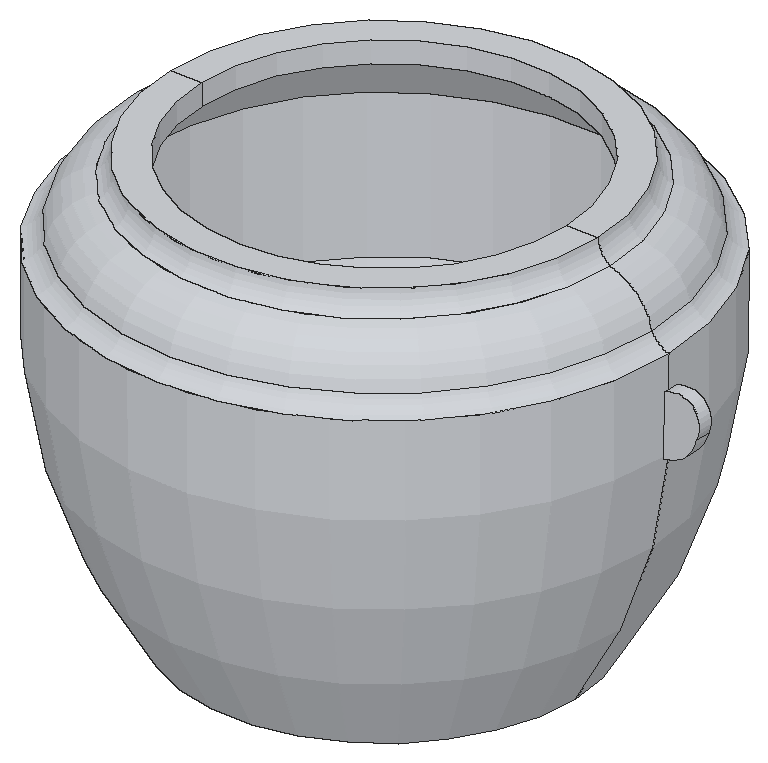
Revit family
Parameters (values of type "SBSP-042.5")
  Width = 5' - 5"
  URL = "www.strombergarchitectural.com"
  Top Material = GFRC
  Submittal Sheet = "www.strombergarchitectural.com/images/materials/gfrc/submittal/gfrc-submittal-sheet.pdf"
  Specifications = "www.strombergarchitectural.com/gfrcspecifications"
  Model Cut-sheet = "www.strombergarchitectural.com/products/bollards/design/SBSP-042"
  Model = "SBSP-042"
  Manufacturer = "Stromberg Architectural Products"
  Guidebook = "www.strombergarchitectural.com/images/materials/gfrc/handbooks/gfrc_guidebook.pdf"
  Frame Material = none
  Description = "GFRC Bollard"
  Assembly Code = ""
  Height = 4' - 0"
  XXX.5 = yes
  XXX.4 = no
  XXX.3 = no
  XXX.2 = no
  XXX.1 = no
Types (6): name | Width | Guidebook | Height | XXX.5 | XXX.4 | XXX.3 | XXX.2 | XXX.1
  (no name) | 5' - 5" | "www.strombergarchitectural.com/images/materials/gfrc/handbooks/gfrc_guidebook.pdf" | 4' - 0" | yes | no | no | no | no
  SBSP-042.3 | 4' - 1" | "www.strombergarchitectural.com/images/materials/gfrc/handbooks/gfrc_guidebook.pdf" | 3' - 0" | no | no | yes | no | no
  SBSP-042.1 | 2' - 8" | "www.strombergarchitectural.com/images/materials/gfrc/handbooks/gfrc_guidebook.pdf   \r\n(http://www.strombergarchitectural.com/images/materials/gfrc/handbooks/gfrc_guidebook.pdf" | 2' - 0" | no | no | no | no | yes
  SBSP-042.2 | 3' - 5" | "www.strombergarchitectural.com/images/materials/gfrc/handbooks/gfrc_guidebook.pdf" | 2' - 6" | no | no | no | yes | no
  SBSP-042.4 | 4' - 9" | "www.strombergarchitectural.com/images/materials/gfrc/handbooks/gfrc_guidebook.pdf" | 3' - 6" | no | yes | no | no | no
  SBSP-042.5 | 5' - 5" | "www.strombergarchitectural.com/images/materials/gfrc/handbooks/gfrc_guidebook.pdf" | 4' - 0" | yes | no | no | no | no
Reference planes (in)
  plane 1 "Center (Front/Back)": y = 3.74847
  plane 2: z = 0
  plane 3 "Center (Left/Right)": x = 0.7278
  plane 4 "Front": y = -3.25153
  plane 5 "Back": y = 10.74847
  plane 6 "Left": x = -17.2722
  plane 7 "Right": x = 18.7278
Forms (in)
  Revolve 1, solid, visible <- "XXX.1"
    sketch origin (0, 3.74847, 0) x (1, 0, 0) y (0, 0, 1)
      loop
        arc (-11.248, 23.94448) -> (-11.45756, 23.30307) -> (-11.92654, 22.81789) r 1.50359
        arc (-11.92654, 22.81789) -> (-13.46813, 21.92219) -> (-14.31497, 20.35322) r 3.28574
        arc (-14.31497, 20.35322) -> (-14.70353, 19.81609) -> (-15.28053, 19.48967) r 1.55469
        arc (-15.28053, 19.48967) -> (-14.34202, 9.27193) -> (-9.9472, 0) r 29.38095
        line (-9.9472, 0) -> (0.7278, 0) -> (0.7278, 1.25) -> (-9.2722, 1.25) -> (-13.58018, 11.91261) -> (-13.58018, 18.66261) -> (-10.18665, 22.78936) -> (-10.18665, 23.94448) -> (-11.248, 23.94448)
      axis (0.7278, 23.94448) -> (0.7278, 0)
    angle from 0 to 360
  Revolve 2, solid, visible <- "XXX.1", not visible
    sketch origin (0, 3.74847, 0) x (1, 0, 0) y (0, 0, 1)
      loop
        arc (-11.248, 23.94448) -> (-11.45756, 23.30307) -> (-11.92654, 22.81789) r 1.50359
        arc (-11.92654, 22.81789) -> (-13.46813, 21.92219) -> (-14.31497, 20.35322) r 3.28574
        arc (-14.31497, 20.35322) -> (-14.70353, 19.81609) -> (-15.28053, 19.48967) r 1.55469
        arc (-15.28053, 19.48967) -> (-14.34202, 9.27193) -> (-9.9472, 0) r 29.38095
        line (-9.9472, 0) -> (0.7278, 0) -> (0.7278, 1.25) -> (-9.2722, 1.25) -> (-13.58018, 11.91261) -> (-13.58018, 18.66261) -> (-10.18665, 22.78936) -> (-10.18665, 23.94448) -> (-11.248, 23.94448)
      axis (0.7278, 23.94448) -> (0.7278, 0)
    angle from 0 to 360
  Extrusion 3, solid, visible <- "XXX.1", not visible
    sketch origin (0, 3.74847, 0) x (1, 0, 0) y (0, 0, 1)
      loop
        arc (-15.25859, 14.31588) -> (-15.32003, 15.11475) -> (-15.37037, 15.9144) r 57.75981
        arc (-15.37037, 15.9144) -> (-15.61239, 15.96443) -> (-15.81313, 15.82028) r 0.30766
        arc (-15.81313, 15.82028) -> (-15.75988, 15.22547) -> (-15.52765, 14.67529) r 1.93345
        arc (-15.52765, 14.67529) -> (-16.25971, 15.12054) -> (-16.75495, 15.81976) r 2.11424
        arc (-16.75495, 15.81976) -> (-16.88592, 16.4462) -> (-16.75495, 17.07264) r 1.56361
        arc (-16.75495, 17.07264) -> (-16.32442, 17.37624) -> (-15.85583, 17.13551) r 0.50861
        arc (-15.85583, 17.13551) -> (-15.82556, 16.89951) -> (-15.98263, 16.72079) r 0.28899
        arc (-15.98263, 16.72079) -> (-16.08762, 16.97354) -> (-16.35826, 17.01426) r 0.27839
        arc (-16.35826, 17.01426) -> (-16.4845, 16.79622) -> (-16.42325, 16.55183) r 0.33529
        arc (-16.42325, 16.55183) -> (-16.02035, 16.37812) -> (-15.60149, 16.50876) r 0.63166
        arc (-15.60149, 16.50876) -> (-15.46879, 16.64815) -> (-15.38422, 16.82102) r 0.63166
        line (-15.38422, 16.82102) -> (-15.38422, 17.09138)
        arc (-15.38422, 17.09138) -> (-15.62313, 17.62799) -> (-16.18177, 17.8095) r 0.72207
        arc (-16.18177, 17.8095) -> (-17.19259, 17.1277) -> (-17.19259, 15.90843) r 1.29855
        arc (-17.19259, 15.90843) -> (-16.50408, 14.97797) -> (-15.57362, 14.28946) r 3.91551
        arc (-15.57362, 14.28946) -> (-15.41222, 14.25632) -> (-15.25859, 14.31588) r 0.29183
    from -0.84073 to 0.75
  Extrusion 4, solid, visible <- "XXX.1", not visible
    sketch origin (1.4556, 3.74847, 0) x (-1, 0, 0) y (0, 0, -1)
      loop
        arc (-15.25859, -14.31588) -> (-15.41222, -14.25632) -> (-15.57362, -14.28946) r 0.29183
        arc (-15.57362, -14.28946) -> (-16.50408, -14.97797) -> (-17.19259, -15.90843) r 3.91551
        arc (-17.19259, -15.90843) -> (-17.19259, -17.1277) -> (-16.18177, -17.8095) r 1.29855
        arc (-16.18177, -17.8095) -> (-15.62313, -17.62799) -> (-15.38422, -17.09138) r 0.72207
        line (-15.38422, -17.09138) -> (-15.38422, -16.82102)
        arc (-15.38422, -16.82102) -> (-15.46879, -16.64815) -> (-15.60149, -16.50876) r 0.63166
        arc (-15.60149, -16.50876) -> (-16.02035, -16.37812) -> (-16.42325, -16.55183) r 0.63166
        arc (-16.42325, -16.55183) -> (-16.4845, -16.79622) -> (-16.35826, -17.01426) r 0.33529
        arc (-16.35826, -17.01426) -> (-16.08762, -16.97354) -> (-15.98263, -16.72079) r 0.27839
        arc (-15.98263, -16.72079) -> (-15.82556, -16.89951) -> (-15.85583, -17.13551) r 0.28899
        arc (-15.85583, -17.13551) -> (-16.32442, -17.37624) -> (-16.75495, -17.07264) r 0.50861
        arc (-16.75495, -17.07264) -> (-16.88592, -16.4462) -> (-16.75495, -15.81976) r 1.56361
        arc (-16.75495, -15.81976) -> (-16.25971, -15.12054) -> (-15.52765, -14.67529) r 2.11424
        arc (-15.52765, -14.67529) -> (-15.75988, -15.22547) -> (-15.81313, -15.82028) r 1.93345
        arc (-15.81313, -15.82028) -> (-15.61239, -15.96443) -> (-15.37037, -15.9144) r 0.30766
        arc (-15.37037, -15.9144) -> (-15.32003, -15.11475) -> (-15.25859, -14.31588) r 57.75981
    from -0.84073 to 0.75
  Revolve 5, solid, visible <- "XXX.2"
    sketch origin (0, 3.74847, 0) x (1, 0, 0) y (0, 0, 1)
      loop
        arc (-14.70807, 29.94429) -> (-15.02946, 29.04277) -> (-15.78627, 28.45688) r 1.70337
        arc (-15.78627, 28.45688) -> (-17.5151, 27.26913) -> (-18.54441, 25.44153) r 4.64089
        arc (-18.54441, 25.44153) -> (-19.03011, 24.77011) -> (-19.75137, 24.36208) r 1.94336
        arc (-19.75137, 24.36208) -> (-18.57822, 11.58991) -> (-13.0847, 0) r 36.72618
        line (-13.0847, 0) -> (0.7278, 0) -> (0.7278, 1.25) -> (-11.7722, 1.25) -> (-17.5682, 14.26802) -> (-17.5682, 23.01802) -> (-12.47316, 28.4867) -> (-12.47316, 29.94429) -> (-14.70807, 29.94429)
      axis (0.7278, 29.94429) -> (0.7278, 0)
    angle from 0 to 360
  Revolve 6, solid, visible <- "XXX.2", not visible
    sketch origin (0, 3.74847, 0) x (1, 0, 0) y (0, 0, 1)
      loop
        arc (-14.70807, 29.94429) -> (-15.02946, 29.04277) -> (-15.78627, 28.45688) r 1.70337
        arc (-15.78627, 28.45688) -> (-17.5151, 27.26913) -> (-18.54441, 25.44153) r 4.64089
        arc (-18.54441, 25.44153) -> (-19.03011, 24.77011) -> (-19.75137, 24.36208) r 1.94336
        arc (-19.75137, 24.36208) -> (-18.57822, 11.58991) -> (-13.0847, 0) r 36.72618
        line (-13.0847, 0) -> (0.7278, 0) -> (0.7278, 1.25) -> (-11.7722, 1.25) -> (-17.5682, 14.26802) -> (-17.5682, 23.01802) -> (-12.47316, 28.4867) -> (-12.47316, 29.94429) -> (-14.70807, 29.94429)
      axis (0.7278, 29.94429) -> (0.7278, 0)
    angle from 0 to 360
  Extrusion 7, solid, visible <- "XXX.2", not visible
    sketch origin (0, 3.74847, 0) x (1, 0, 0) y (0, 0, 1)
      loop
        arc (-19.85401, 19.88583) -> (-20.17166, 20.04101) -> (-20.41708, 19.78655) r 0.30047
        arc (-20.41708, 19.78655) -> (-20.40406, 19.06682) -> (-20.17013, 18.38605) r 2.31001
        arc (-20.17013, 18.38605) -> (-21.13693, 19.06512) -> (-21.71123, 20.09761) r 2.6428
        arc (-21.71123, 20.09761) -> (-21.73992, 20.88601) -> (-21.39304, 21.59458) r 1.62101
        arc (-21.39304, 21.59458) -> (-20.79249, 21.75456) -> (-20.43527, 21.24598) r 0.54291
        arc (-20.43527, 21.24598) -> (-20.48631, 21.05437) -> (-20.62673, 20.91437) r 0.38099
        arc (-20.62673, 20.91437) -> (-20.75656, 21.23111) -> (-21.09682, 21.26861) r 0.33515
        arc (-21.09682, 21.26861) -> (-21.26016, 20.93619) -> (-21.09682, 20.60376) r 0.41995
        arc (-21.09682, 20.60376) -> (-20.53019, 20.45898) -> (-20.03602, 20.77177) r 0.73829
        arc (-20.03602, 20.77177) -> (-19.95448, 20.89895) -> (-19.88047, 21.03065) r 2.59673
        line (-19.88047, 21.03065) -> (-19.88047, 21.32303)
        arc (-19.88047, 21.32303) -> (-20.30755, 22.02775) -> (-21.10315, 22.24231) r 1.10725
        arc (-21.10315, 22.24231) -> (-22.26115, 21.42007) -> (-22.19614, 20.00134) r 1.48232
        arc (-22.19614, 20.00134) -> (-21.42821, 18.80514) -> (-20.31883, 17.91638) r 4.39782
        arc (-20.31883, 17.91638) -> (-20.02413, 17.83907) -> (-19.72943, 17.91638) r 0.60034
        arc (-19.72943, 17.91638) -> (-19.80365, 18.90035) -> (-19.85401, 19.88583) r 40.72053
    from -0.84073 to 0.75
  Extrusion 8, solid, visible <- "XXX.2", not visible
    sketch origin (1.4556, 3.74847, 0) x (-1, 0, 0) y (0, 0, -1)
      loop
        arc (-19.85401, -19.88583) -> (-19.80365, -18.90035) -> (-19.72943, -17.91638) r 40.72053
        arc (-19.72943, -17.91638) -> (-20.02413, -17.83907) -> (-20.31883, -17.91638) r 0.60034
        arc (-20.31883, -17.91638) -> (-21.42821, -18.80514) -> (-22.19614, -20.00134) r 4.39782
        arc (-22.19614, -20.00134) -> (-22.26115, -21.42007) -> (-21.10315, -22.24231) r 1.48232
        arc (-21.10315, -22.24231) -> (-20.30755, -22.02775) -> (-19.88047, -21.32303) r 1.10725
        line (-19.88047, -21.32303) -> (-19.88047, -21.03065)
        arc (-19.88047, -21.03065) -> (-19.95448, -20.89895) -> (-20.03602, -20.77177) r 2.59673
        arc (-20.03602, -20.77177) -> (-20.53019, -20.45898) -> (-21.09682, -20.60376) r 0.73829
        arc (-21.09682, -20.60376) -> (-21.26016, -20.93619) -> (-21.09682, -21.26861) r 0.41995
        arc (-21.09682, -21.26861) -> (-20.75656, -21.23111) -> (-20.62673, -20.91437) r 0.33515
        arc (-20.62673, -20.91437) -> (-20.48631, -21.05437) -> (-20.43527, -21.24598) r 0.38099
        arc (-20.43527, -21.24598) -> (-20.79249, -21.75456) -> (-21.39304, -21.59458) r 0.54291
        arc (-21.39304, -21.59458) -> (-21.73992, -20.88601) -> (-21.71123, -20.09761) r 1.62101
        arc (-21.71123, -20.09761) -> (-21.13693, -19.06512) -> (-20.17013, -18.38605) r 2.6428
        arc (-20.17013, -18.38605) -> (-20.40406, -19.06682) -> (-20.41708, -19.78655) r 2.31001
        arc (-20.41708, -19.78655) -> (-20.17166, -20.04101) -> (-19.85401, -19.88583) r 0.30047
    from -0.84073 to 0.75
  Revolve 9, solid, visible <- "XXX.3"
    sketch origin (0, 3.74847, 0) x (1, 0, 0) y (0, 0, 1)
      loop
        arc (-17.721, 35.92894) -> (-18.07387, 34.89798) -> (-18.89708, 34.18404) r 2.09342
        arc (-18.89708, 34.18404) -> (-21.10936, 32.82478) -> (-22.32385, 30.52983) r 4.92861
        arc (-22.32385, 30.52983) -> (-22.90669, 29.72414) -> (-23.7722, 29.2345) r 2.33203
        arc (-23.7722, 29.2345) -> (-22.36443, 13.90789) -> (-15.7722, 0) r 44.07142
        line (-15.7722, 0) -> (0.7278, 0) -> (0.7278, 2) -> (-14.5222, 2) -> (-20.48085, 16.0377) -> (-20.48085, 29.2345) -> (-15.53131, 34.18404) -> (-15.53131, 35.92894) -> (-17.721, 35.92894)
      axis (0.7278, 0) -> (0.7278, 35.92894)
    angle from 0 to 360
  Revolve 10, solid, visible <- "XXX.3", not visible
    sketch origin (0, 3.74847, 0) x (1, 0, 0) y (0, 0, 1)
      loop
        arc (-17.721, 35.92894) -> (-18.07387, 34.89798) -> (-18.89708, 34.18404) r 2.09342
        arc (-18.89708, 34.18404) -> (-21.10936, 32.82478) -> (-22.32385, 30.52983) r 4.92861
        arc (-22.32385, 30.52983) -> (-22.90669, 29.72414) -> (-23.7722, 29.2345) r 2.33203
        arc (-23.7722, 29.2345) -> (-22.36443, 13.90789) -> (-15.7722, 0) r 44.07142
        line (-15.7722, 0) -> (0.7278, 0) -> (0.7278, 2) -> (-14.5222, 2) -> (-20.48085, 16.0377) -> (-20.48085, 29.2345) -> (-15.53131, 34.18404) -> (-15.53131, 35.92894) -> (-17.721, 35.92894)
      axis (0.7278, 0) -> (0.7278, 35.92894)
    angle from 0 to 360
  Extrusion 11, solid, visible <- "XXX.3", not visible
    sketch origin (0, 3.74847, 0) x (1, 0, 0) y (0, 0, 1)
      loop
        arc (-23.89537, 23.863) -> (-24.25334, 23.9505) -> (-24.55979, 23.74584) r 0.45774
        arc (-24.55979, 23.74584) -> (-24.55462, 22.85142) -> (-24.19555, 22.03223) r 2.21113
        arc (-24.19555, 22.03223) -> (-25.5075, 22.96169) -> (-26.19502, 24.41511) r 3.17137
        arc (-26.19502, 24.41511) -> (-26.11249, 25.32477) -> (-25.56514, 26.056) r 1.67567
        arc (-25.56514, 26.056) -> (-24.92416, 26.04352) -> (-24.59286, 25.49465) r 0.6636
        arc (-24.59286, 25.49465) -> (-24.65028, 25.26235) -> (-24.82274, 25.09647) r 0.43104
        arc (-24.82274, 25.09647) -> (-24.97844, 25.47733) -> (-25.38745, 25.52201) r 0.40218
        arc (-25.38745, 25.52201) -> (-25.57866, 25.01637) -> (-25.19832, 24.63222) r 0.50012
        arc (-25.19832, 24.63222) -> (-24.45194, 24.64421) -> (-23.94361, 25.19085) r 0.95211
        line (-23.94361, 25.19085) -> (-23.92185, 25.25115) -> (-23.92185, 25.53119)
        arc (-23.92185, 25.53119) -> (-24.59437, 26.53379) -> (-25.801, 26.57282) r 1.32294
        arc (-25.801, 26.57282) -> (-26.71654, 25.65256) -> (-26.833, 24.35969) r 1.91122
        arc (-26.833, 24.35969) -> (-26.51423, 23.47682) -> (-26.04282, 22.66513) r 5.23112
        arc (-26.04282, 22.66513) -> (-25.23073, 21.87119) -> (-24.19038, 21.41564) r 3.15993
        arc (-24.19038, 21.41564) -> (-23.95842, 21.40695) -> (-23.7405, 21.4869) r 0.60032
        arc (-23.7405, 21.4869) -> (-23.83398, 22.6739) -> (-23.89537, 23.863) r 44.07142
    from -0.84073 to 0.75
  Extrusion 12, solid, visible <- "XXX.3", not visible
    sketch origin (1.4556, 3.74847, 0) x (-1, 0, 0) y (0, 0, -1)
      loop
        arc (-23.89537, -23.863) -> (-23.83398, -22.6739) -> (-23.7405, -21.4869) r 44.07142
        arc (-23.7405, -21.4869) -> (-23.95842, -21.40695) -> (-24.19038, -21.41564) r 0.60032
        arc (-24.19038, -21.41564) -> (-25.23073, -21.87119) -> (-26.04282, -22.66513) r 3.15993
        arc (-26.04282, -22.66513) -> (-26.51423, -23.47682) -> (-26.833, -24.35969) r 5.23112
        arc (-26.833, -24.35969) -> (-26.71654, -25.65256) -> (-25.801, -26.57282) r 1.91122
        arc (-25.801, -26.57282) -> (-24.59437, -26.53379) -> (-23.92185, -25.53119) r 1.32294
        line (-23.92185, -25.53119) -> (-23.92185, -25.25115) -> (-23.94361, -25.19085)
        arc (-23.94361, -25.19085) -> (-24.45194, -24.64421) -> (-25.19832, -24.63222) r 0.95211
        arc (-25.19832, -24.63222) -> (-25.57866, -25.01637) -> (-25.38745, -25.52201) r 0.50012
        arc (-25.38745, -25.52201) -> (-24.97844, -25.47733) -> (-24.82274, -25.09647) r 0.40218
        arc (-24.82274, -25.09647) -> (-24.65028, -25.26235) -> (-24.59286, -25.49465) r 0.43104
        arc (-24.59286, -25.49465) -> (-24.92416, -26.04352) -> (-25.56514, -26.056) r 0.6636
        arc (-25.56514, -26.056) -> (-26.11249, -25.32477) -> (-26.19502, -24.41511) r 1.67567
        arc (-26.19502, -24.41511) -> (-25.5075, -22.96169) -> (-24.19555, -22.03223) r 3.17137
        arc (-24.19555, -22.03223) -> (-24.55462, -22.85142) -> (-24.55979, -23.74584) r 2.21113
        arc (-24.55979, -23.74584) -> (-24.25334, -23.9505) -> (-23.89537, -23.863) r 0.45774
    from -0.84073 to 0.75
  Revolve 13, solid, visible <- "XXX.4"
    sketch origin (0, 3.74847, 0) x (1, 0, 0) y (0, 0, 1)
      loop
        arc (-20.73431, 41.9088) -> (-21.13015, 40.73644) -> (-22.04166, 39.89961) r 2.48873
        arc (-22.04166, 39.89961) -> (-24.66365, 38.31969) -> (-26.1033, 35.61814) r 5.75005
        arc (-26.1033, 35.61814) -> (-26.78327, 34.67816) -> (-27.79303, 34.10692) r 2.7207
        arc (-27.79303, 34.10692) -> (-26.15063, 16.22587) -> (-18.4597, 0) r 51.41666
        line (-18.4597, 0) -> (0.7278, 0) -> (0.7278, 2.75) -> (-17.2722, 2.75) -> (-24.08504, 18.05189) -> (-24.08504, 34.10692) -> (-18.31058, 39.88138) -> (-18.31058, 41.9088) -> (-20.73431, 41.9088)
      axis (0.7278, 0) -> (0.7278, 41.9088)
    angle from 0 to 360
  Revolve 14, solid, visible <- "XXX.4", not visible
    sketch origin (0, 3.74847, 0) x (1, 0, 0) y (0, 0, 1)
      loop
        arc (-20.73431, 41.9088) -> (-21.13015, 40.73644) -> (-22.04166, 39.89961) r 2.48873
        arc (-22.04166, 39.89961) -> (-24.66365, 38.31969) -> (-26.1033, 35.61814) r 5.75005
        arc (-26.1033, 35.61814) -> (-26.78327, 34.67816) -> (-27.79303, 34.10692) r 2.7207
        arc (-27.79303, 34.10692) -> (-26.15063, 16.22587) -> (-18.4597, 0) r 51.41666
        line (-18.4597, 0) -> (0.7278, 0) -> (0.7278, 2.75) -> (-17.2722, 2.75) -> (-24.08504, 18.05189) -> (-24.08504, 34.10692) -> (-18.31058, 39.88138) -> (-18.31058, 41.9088) -> (-20.73431, 41.9088)
      axis (0.7278, 0) -> (0.7278, 41.9088)
    angle from 0 to 360
  Extrusion 15, solid, visible <- "XXX.4", not visible
    sketch origin (0, 3.74847, 0) x (1, 0, 0) y (0, 0, 1)
      loop
        arc (-27.93673, 27.84016) -> (-28.36011, 27.9364) -> (-28.72503, 27.70116) r 0.56005
        arc (-28.72503, 27.70116) -> (-28.71443, 26.6628) -> (-28.30177, 25.70989) r 2.62339
        arc (-28.30177, 25.70989) -> (-29.85863, 26.83846) -> (-30.63885, 28.59594) r 3.69993
        arc (-30.63885, 28.59594) -> (-30.52479, 29.58758) -> (-29.918, 30.38013) r 1.87481
        arc (-29.918, 30.38013) -> (-29.14874, 30.39076) -> (-28.75012, 29.73276) r 0.77421
        arc (-28.75012, 29.73276) -> (-28.81969, 29.45966) -> (-29.02142, 29.26286) r 0.52048
        arc (-29.02142, 29.26286) -> (-29.19716, 29.71899) -> (-29.68227, 29.77917) r 0.47553
        arc (-29.68227, 29.77917) -> (-29.84981, 29.1697) -> (-29.39998, 28.72565) r 0.62508
        arc (-29.39998, 28.72565) -> (-28.52874, 28.77996) -> (-27.9727, 29.45289) r 1.09754
        arc (-27.9727, 29.45289) -> (-28.5979, 30.85697) -> (-30.12645, 31.01768) r 1.53708
        arc (-30.12645, 31.01768) -> (-31.23306, 29.9303) -> (-31.35473, 28.38364) r 2.21481
        arc (-31.35473, 28.38364) -> (-30.21858, 26.33415) -> (-28.29908, 24.99) r 5.20938
        arc (-28.29908, 24.99) -> (-28.03142, 24.95237) -> (-27.77743, 25.04482) r 0.55855
        arc (-27.77743, 25.04482) -> (-27.86847, 26.44184) -> (-27.93673, 27.84016) r 85.90091
    from -0.84073 to 0.75
  Extrusion 16, solid, visible <- "XXX.4", not visible
    sketch origin (1.4556, 3.74847, 0) x (-1, 0, 0) y (0, 0, -1)
      loop
        arc (-27.93673, -27.84016) -> (-27.86847, -26.44184) -> (-27.77743, -25.04482) r 85.90091
        arc (-27.77743, -25.04482) -> (-28.03142, -24.95237) -> (-28.29908, -24.99) r 0.55855
        arc (-28.29908, -24.99) -> (-30.21858, -26.33415) -> (-31.35473, -28.38364) r 5.20938
        arc (-31.35473, -28.38364) -> (-31.23306, -29.9303) -> (-30.12645, -31.01768) r 2.21481
        arc (-30.12645, -31.01768) -> (-28.5979, -30.85697) -> (-27.9727, -29.45289) r 1.53708
        arc (-27.9727, -29.45289) -> (-28.52874, -28.77996) -> (-29.39998, -28.72565) r 1.09754
        arc (-29.39998, -28.72565) -> (-29.84981, -29.1697) -> (-29.68227, -29.77917) r 0.62508
        arc (-29.68227, -29.77917) -> (-29.19716, -29.71899) -> (-29.02142, -29.26286) r 0.47553
        arc (-29.02142, -29.26286) -> (-28.81969, -29.45966) -> (-28.75012, -29.73276) r 0.52048
        arc (-28.75012, -29.73276) -> (-29.14874, -30.39076) -> (-29.918, -30.38013) r 0.77421
        arc (-29.918, -30.38013) -> (-30.52479, -29.58758) -> (-30.63885, -28.59594) r 1.87481
        arc (-30.63885, -28.59594) -> (-29.85863, -26.83846) -> (-28.30177, -25.70989) r 3.69993
        arc (-28.30177, -25.70989) -> (-28.71443, -26.6628) -> (-28.72503, -27.70116) r 2.62339
        arc (-28.72503, -27.70116) -> (-28.36011, -27.9364) -> (-27.93673, -27.84016) r 0.56005
    from -0.84073 to 0.75
  Revolve 17, solid, visible <- "XXX.5"
    sketch origin (0, 3.74847, 0) x (1, 0, 0) y (0, 0, 1)
      loop
        arc (-23.6784, 48) -> (-24.07715, 46.65408) -> (-25.04338, 45.63579) r 3.00718
        arc (-25.04338, 45.63579) -> (-28.12656, 43.84438) -> (-29.82024, 40.70644) r 6.57148
        arc (-29.82024, 40.70644) -> (-30.59735, 39.63218) -> (-31.75137, 38.97933) r 3.10938
        arc (-31.75137, 38.97933) -> (-29.87434, 18.54385) -> (-21.0847, 0) r 58.76189
        line (-21.0847, 0) -> (0.7278, 0) -> (0.7278, 3.5) -> (-19.5222, 3.5) -> (-26.68956, 22.17161) -> (-26.68956, 38.97933) -> (-20.09017, 45.57872) -> (-20.09017, 48) -> (-23.6784, 48)
      axis (0.7278, 0) -> (0.7278, 48)
    angle from 0 to 360
  Extrusion 18, solid, visible <- "XXX.5"
    sketch origin (0, 3.74847, 0) x (1, 0, 0) y (0, 0, 1)
      loop
        arc (-31.94043, 35.49764) -> (-35.11255, 35.02387) -> (-35.58631, 31.85175) r 2.69567
        arc (-35.58631, 31.85175) -> (-34.21109, 29.58172) -> (-31.73674, 28.62157) r 4.1196
        arc (-31.73674, 28.62157) -> (-31.9283, 32.05695) -> (-31.94043, 35.49764) r 65.94998
    from -0.84073 to 0.75
  Extrusion 19, solid, visible <- "XXX.5"
    sketch origin (1.4556, 3.74847, 0) x (-1, 0, 0) y (0, 0, -1)
      loop
        arc (-31.94043, -35.49764) -> (-31.9283, -32.05695) -> (-31.73674, -28.62157) r 65.94998
        arc (-31.73674, -28.62157) -> (-34.21109, -29.58172) -> (-35.58631, -31.85175) r 4.1196
        arc (-35.58631, -31.85175) -> (-35.11255, -35.02387) -> (-31.94043, -35.49764) r 2.69567
    from -0.84073 to 0.75
  Extrusion 20, solid, visible <- "XXX.4"
    sketch origin (0, 3.74847, 0) x (1, 0, 0) y (0, 0, 1)
      loop
        arc (-27.96374, 30.96407) -> (-30.73723, 30.54828) -> (-31.15301, 27.77479) r 2.35885
        arc (-31.15301, 27.77479) -> (-29.95228, 25.78493) -> (-27.78414, 24.94797) r 3.5889
        arc (-27.78414, 24.94797) -> (-27.95079, 27.95372) -> (-27.96374, 30.96407) r 58.93274
    from -0.84073 to 0.75
  Extrusion 21, solid, visible <- "XXX.4"
    sketch origin (1.4556, 3.74847, 0) x (-1, 0, 0) y (0, 0, -1)
      loop
        arc (-27.96374, -30.96407) -> (-27.95079, -27.95372) -> (-27.78414, -24.94797) r 58.93274
        arc (-27.78414, -24.94797) -> (-29.95228, -25.78493) -> (-31.15301, -27.77479) r 3.5889
        arc (-31.15301, -27.77479) -> (-30.73723, -30.54828) -> (-27.96374, -30.96407) r 2.35885
    from -0.84073 to 0.75
  Extrusion 22, solid, visible <- "XXX.3"
    sketch origin (0, 3.74847, 0) x (1, 0, 0) y (0, 0, 1)
      loop
        arc (-23.91399, 26.55216) -> (-26.39928, 26.04882) -> (-26.55184, 23.51767) r 2.08031
        arc (-26.55184, 23.51767) -> (-25.51286, 21.97476) -> (-23.74334, 21.40131) r 2.85038
        arc (-23.74334, 21.40131) -> (-23.91572, 23.97385) -> (-23.91399, 26.55216) r 38.15885
    from -0.84073 to 0.75
  Extrusion 23, solid, visible <- "XXX.3"
    sketch origin (1.4556, 3.74847, 0) x (-1, 0, 0) y (0, 0, -1)
      loop
        arc (-23.91399, -26.55216) -> (-23.91572, -23.97385) -> (-23.74334, -21.40131) r 38.15885
        arc (-23.74334, -21.40131) -> (-25.51286, -21.97476) -> (-26.55184, -23.51767) r 2.85038
        arc (-26.55184, -23.51767) -> (-26.39928, -26.04882) -> (-23.91399, -26.55216) r 2.08031
    from -0.84073 to 0.75
  Extrusion 24, solid, visible <- "XXX.2"
    sketch origin (0, 3.74847, 0) x (1, 0, 0) y (0, 0, 1)
      loop
        arc (-19.86151, 22.17161) -> (-21.8434, 21.85821) -> (-22.1568, 19.87632) r 1.70627
        arc (-22.1568, 19.87632) -> (-21.14363, 18.58018) -> (-19.7191, 17.75725) r 4.31645
        arc (-19.7191, 17.75725) -> (-19.87712, 19.96163) -> (-19.86151, 22.17161) r 28.11628
    from -0.84073 to 0.75
  Extrusion 25, solid, visible <- "XXX.2"
    sketch origin (1.4556, 3.74847, 0) x (-1, 0, 0) y (0, 0, -1)
      loop
        arc (-19.86151, -22.17161) -> (-19.87712, -19.96163) -> (-19.7191, -17.75725) r 28.11628
        arc (-19.7191, -17.75725) -> (-21.14363, -18.58018) -> (-22.1568, -19.87632) r 4.31645
        arc (-22.1568, -19.87632) -> (-21.8434, -21.85821) -> (-19.86151, -22.17161) r 1.70627
    from -0.84073 to 0.75
  Extrusion 26, solid, visible <- "XXX.1"
    sketch origin (0, 3.74847, 0) x (1, 0, 0) y (0, 0, 1)
      loop
        arc (-15.37506, 17.6933) -> (-16.98397, 17.40508) -> (-17.2722, 15.79617) r 1.43044
        arc (-17.2722, 15.79617) -> (-16.44859, 14.77485) -> (-15.2384, 14.26802) r 2.67494
        arc (-15.2384, 14.26802) -> (-15.37846, 15.9778) -> (-15.37506, 17.6933) r 20.49865
    from -0.84073 to 0.75
  Extrusion 27, solid, visible <- "XXX.1"
    sketch origin (1.4556, 3.74847, 0) x (-1, 0, 0) y (0, 0, -1)
      loop
        arc (-15.37506, -17.6933) -> (-15.37846, -15.9778) -> (-15.2384, -14.26802) r 20.49865
        arc (-15.2384, -14.26802) -> (-16.44859, -14.77485) -> (-17.2722, -15.79617) r 2.67494
        arc (-17.2722, -15.79617) -> (-16.98397, -17.40508) -> (-15.37506, -17.6933) r 1.43044
    from -0.84073 to 0.75
Dimensions and locks (in)
  aligned and locked: level to plane 2
